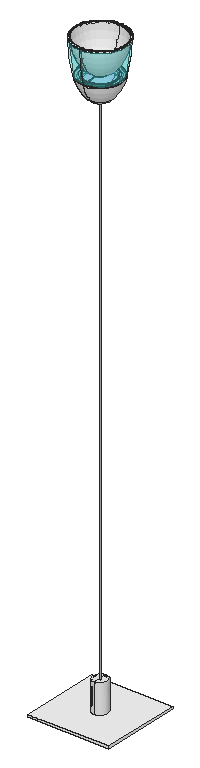
Revit family "BE_56566.1_de_DE", category Leuchten, Revit 2015
Parameters (values of type "BEGA_56566.1_K4")
  built-in parameter 1150104 = 11.622 (stored number, unit not read)
  Wattage = 25.3 W
  Default Elevation = 0 mm
  built-in parameter 1150113 = 1 (stored number, unit not read)
  built-in parameter 1114218 = 1 (stored number, unit not read)
  Umgebungstemperatur = ""
  URL = "http://www.bega.de/produkt/56566.1"
  Typenkommentare = "© 2017 BEGA. Wir behalten uns das Recht vor, technische Änderungen ohne vorherige Ankündigung vorzunehmen."  # constant formula
  built-in parameter 1150134 = 12
  built-in parameter 1150109 = 1 (stored number, unit not read)
  Strom = ""
  built-in parameter 1150110 = 1 (stored number, unit not read)
  Spannung = 239.996 V
  Sonderanfertigung = no
  Seriennummer [instance] = "Hier können Sie die eindeutige Seriennummer für das Facility Management eintragen."
  Schutzklasse = "I"
  Schutzart = "IP 20"
  Scheinlast = 0 VA
  Produktdatenblatt = "http://www.bega.de/download/Xrfa/db/56566.1.db.de.pdf"
  Oberflächentemperatur = ""
  Neigungswinkel = 0.00°
  Modell = "56566.1K4"
  Material_18 = BEGA_Gummi_schwarz
  Material_17 = BEGA_Reflektor
  Material_15 = BEGA_Leuchtmedium_matt
  Material_11 = BEGA_Glas_opal
  Material_10 = BEGA_Glas_matt
  Material_09 = BEGA_Glas_klar
  Material_06 = BEGA_Oberfläche_Edelstahl_gebürstet
  Material_05 = BEGA_Oberfläche_Aluminium Guss
  Material_03 = BEGA_Oberfläche_Weiss_matt
  Material_02 = BEGA_Oberfläche_Silber_matt
  Material_01 [instance] = BEGA_Oberfläche_Grafit_matt
  M_W = no
  M_G = no
  M_A = no
  Logo = 0
  built-in parameter 1114217 = 1 (stored number, unit not read)
  built-in parameter 1150139 = (empty or 0)
  built-in parameter 1150105 = 251.87 (stored number, unit not read)
  built-in parameter 1150114 = 1 (stored number, unit not read)
  Lumens = 3165.03 lm
  built-in parameter 1150115 = 1 (stored number, unit not read)
  Leuchtenlichtstrom = "2306 lm"
  Leuchtenanzahl = ""
  Lebensdauerkriterien = "L70B50 @ 25 °C = 400000 h"
  Lastklassifizierung = Beleuchtung
  built-in parameter 1150112 = 1 (stored number, unit not read)
  Lampenlichtstrom = "3165 lm"
  Lampe = "LED 25.3 W"
  LED_Modulbezeichnung = "LED-0327/840"
  Hersteller = "BEGA"  # constant formula
  Halbstreuwinkel = ""
  Gewicht = "3.6 kg"
  Gebrauchslageneinschränkung [instance] = ""
  Frequenz = "0/50-60 Hz"
  Farbwiedergabeindex = "Ra > 80"
  Farbtemperaturverschiebung bei Dämpfen der Lampe = <Keine Auswahl>
  Farbtemperatur = "4000 K"
  Color Filter = 16777215
  built-in parameter 1150133 = 10 (stored number, unit not read)
  Energieeffizienzklasse = "LED A++ - A"
  built-in parameter 1150137 = (empty or 0)
  built-in parameter 1150132 = (empty or 0)
  ENEC = "ja"
  Dimmbar [instance] = "DALI"
  Datei für fotometrisches Netz = "BE_56566K4.IES"
  CE_Konformität = "ja"
  Bestellnummer = "56566.1K4"
  Beschreibung_Sonderanfertigung = "Hier können Sie Informationen zur Sonderanfertigung eintragen."
  Beschreibung = "Pendelleuchte"
  built-in parameter 1150106 = 2.5187 (stored number, unit not read)
  Befestigungsbohrung = ""
  Befestigungsabstand = ""
  Ballwurfsicher = ""
  BEGA_Intern_aus = yes
  BEGA_Intern_an = yes
  BEGA_Intern_Konstruktion = yes
  BEGA_Intern = yes
  BEGA_IES = yes
  BEGA_Dummy = no
  Anschlussleitung = ""
  Anschlussleistung [instance] = "29 W"
  Anschlusskasten = ""
  built-in parameter 1150107 = 4000 (stored number, unit not read)
  built-in parameter 1150102 = (empty or 0)
  built-in parameter 1150138 = (empty or 0)
  Aktualisierung = "2017-09-27T04:10:59"
  Abstand_zur_angestrahlten_Fläche [instance] = ""
  AC/DC = "AC/DC"
Types (2, lengths in mm): name | built-in parameter 1150104 | built-in parameter 1150134 | Modell | built-in parameter 1150105 | Lumens | Leuchtenlichtstrom | Lampenlichtstrom | LED_Modulbezeichnung | Farbtemperatur | Datei für fotometrisches Netz | Bestellnummer | built-in parameter 1150106 | built-in parameter 1150107
  BEGA_56566.1_K3 | 10.832 (stored number, unit not read) | (empty or 0) | "56566.1" | 234.75 (stored number, unit not read) | 2949.98 lm | "2150 lm" | "2950 lm" | "LED-0327/830" | "3000 K" | "BE_56566.IES" | "56566.1" | 2.3475 (stored number, unit not read) | 3000 (stored number, unit not read)
  BEGA_56566.1_K4 | 11.622 (stored number, unit not read) | 12 | "56566.1K4" | 251.87 (stored number, unit not read) | 3165.03 lm | "2306 lm" | "3165 lm" | "LED-0327/840" | "4000 K" | "BE_56566K4.IES" | "56566.1K4" | 2.5187 (stored number, unit not read) | 4000 (stored number, unit not read)
Reference planes
  plane 1 "Mitte (Vorne/Hinten)": y = 0
  plane 2: z = 0
  plane 3 "Mitte (Links/Rechts)": x = 0
  plane 4 "Links": x = -128
  plane 5 "Rechts": x = 128
  plane 6 "Unten": y = -128
  plane 7 "Oben": y = 128
  plane 8 "Vorne": z = 2999.018
  plane 9 "Hinten": z = 0
Forms (mm)
  Extrusion 1, solid, material "BEGA_Platte_Weiss"
    sketch origin (0, -1119.2, 0) x (1, 0, 0) y (0, 1, 0)
      loop
        line (-200, 1319.2) -> (-200, 919.2) -> (200, 919.2) -> (200, 1319.2) -> (-200, 1319.2)
    from 0 to -10
  Extrusion 2, solid, material "BEGA_Dummy_matt", visible <- "BEGA_Dummy"
    sketch origin (77.149, -76.023, 0) x (1, 0, 0) y (0, 1, 0)
      loop
        circle (-77.149, 76.023) r 128
    from 0 to 2999.018
Dimensions and locks
  plane 1 "Mitte (Vorne/Hinten)" to Extrusion 1 = 200 mm
  aligned and locked: plane 2 to Extrusion 1
  aligned and locked: level to Extrusion 1
Nested families
  nested 1: "BE_56566.1" at (0, 0, 0), type "BE_56566.1"
Connectors
  electrical at (0, 0, 0), driven by "Lastklassifizierung", driven by "Spannung", driven by "Scheinlast"
    settings: index 1, voltage 239.996 V, apparent load 0 VA, apparent load phase1 0 VA, apparent load phase2 0 VA, apparent load phase3 0 VA, power factor 1, load classification "Beleuchtung", number of poles 1, system type 31, power factor state 1, is connector primary yes, connector utility no, sub classification motor no, connector description ""
Definition of nested family "BE_56566.1"
  Parameters (values of type "BE_56566.1")
    Default Elevation = 1 mm
    URL = "http://www.bega.de/de/produkt"
    Type Comments = "© 2015 BEGA. Wir behalten uns das Recht vor, technische Änderungen ohne vorherige Ankündigung vorzunehmen. "  # constant formula
    Type Image = (empty or 0)
    Neigungswinkel_um_Z2 = 0.00°
    Neigungswinkel_um_Z1 = 0.00°
    Neigungswinkel_um_Y2 = 0.00°
    Neigungswinkel_um_Y1 = 0.00°
    Neigungswinkel_um_X2 = 0.00°
    Neigungswinkel_um_X1 = 0.00°
    Material_18 = none
    Material_17 = none
    Material_15 = none
    Material_11 = none
    Material_10 = none
    Material_09 = none
    Material_06 = none
    Material_05 = none
    Material_03 = none
    Material_02 = none
    Material_01 = none
    M_W = yes
    M_G = yes
    M_A = yes
    Länge_Platte = 300 mm  # constant formula
    Höhe_Platte = -10 mm  # constant formula
    Manufacturer = "BEGA"  # constant formula
    Drehwinkel_um_Z2 = 0.00°
    Drehwinkel_um_Z1 = 0.00°
    Breite_Platte = 300 mm  # constant formula
  Reference planes
    plane 1 "Mitte (Oben/Unten)": y = 0
    plane 2: z = 0
    plane 3 "Mitte (Links/Rechts)": x = 0
    plane 4: z = 3000
    plane 5: y = -128
    plane 6: y = 128
    plane 7: x = -128
    plane 8: x = 128
  Forms (mm)
    Extrusion 1, solid, detail levels medium
      sketch origin (0, 0, 0) x (1, 0, 0) y (0, 1, 0)
        loop
          line (-150, 150) -> (-150, -150) -> (150, -150) -> (150, 150) -> (-150, 150)
      from 0 to -10 <- "Höhe_Platte"
    Revolve 2, solid, material <- "Material_03", detail levels medium+fine
      sketch origin (0, 0, 0) x (0, 1, 0) y (0, 0, 1)
        loop
          line (-36.248, 0.5) -> (-34, 0.5) -> (-34, 2.676) -> (-32.481, 2.729) -> (-31.3, 138.025)
          arc (-31.3, 138.025) -> (-30.705, 139.423) -> (-29.3, 140) r 2
          line (-29.3, 140) -> (0, 140) -> (0, 143.501)
          arc (0, 143.501) -> (-17.512, 143.245) -> (-35.009, 142.479) r 600
          line (-35.009, 142.479) -> (-36.248, 0.5)
        axis (0, 0.5) -> (0, 143.501)
      angle from 0 to 360
    Revolve 3, solid, material <- "Material_05", detail levels medium+fine
      sketch origin (0, 0, 0) x (0, 1, 0) y (0, 0, 1)
        loop
          line (-32.14, 2) -> (-32.175, 1) -> (-33.765, 1) -> (-33.8, 0) -> (0, 0) -> (0, 2) -> (-32.14, 2)
        axis (0, 0) -> (0, 2)
      angle from 0 to 360
    Extrusion 4, void
      sketch origin (0, 0, 0) x (1, 0, 0) y (0, 1, 0)
        loop
          arc (-9.887, 12.652) -> (-16.053, -0.003) -> (-9.876, -12.652) r 16.053
          line (-9.876, -12.652) -> (9.484, -12.652)
          arc (9.484, -12.652) -> (15.815, -0.003) -> (9.495, 12.652) r 15.815
          line (9.495, 12.652) -> (-9.887, 12.652)
        loop
          circle (-0.016, 25) r 2.25
        loop
          circle (-0.016, -25) r 2.25
      from 0 to 3.541
    Revolve 5, solid, material <- "Material_03", detail levels medium+fine
      sketch origin (0, 0, 0) x (0, 1, 0) y (0, 0, 1)
        loop
          line (-30.9, 2836) -> (-30.9, 2841.321)
          arc (-30.9, 2841.321) -> (-31.071, 2841.881) -> (-31.527, 2842.249) r 1
          spline (-31.527, 2842.249) -> (-43.213, 2847.91) -> (-54.427, 2855.306) -> (-65.049, 2864.357) -> (-74.96, 2874.962) -> (-84.055, 2887.008) -> (-92.233, 2900.361) -> (-99.405, 2914.878) -> (-105.493, 2930.399) -> (-110.431, 2946.755) -> (-114.165, 2963.768) -> (-116.654, 2981.253) -> (-117.871, 2999.018)
          arc (-117.871, 2999.018) -> (-118.17, 2999.713) -> (-118.871, 3000) r 1
          line (-118.871, 3000) -> (-127, 3000)
          arc (-127, 3000) -> (-127.707, 2999.707) -> (-128, 2999) r 1
          line (-128, 2999) -> (-128, 2997) -> (-127, 2997) -> (-127, 2999) -> (-118.871, 2999)
          spline (-118.871, 2999) -> (-117.692, 2981.21) -> (-115.239, 2963.696) -> (-111.544, 2946.647) -> (-106.638, 2930.253) -> (-100.569, 2914.689) -> (-93.413, 2900.117) -> (-85.246, 2886.696) -> (-76.146, 2874.582) -> (-66.213, 2863.903) -> (-55.553, 2854.778) -> (-44.281, 2847.307) -> (-32.521, 2841.573)
          arc (-32.521, 2841.573) -> (-32.07, 2841.206) -> (-31.9, 2840.649) r 1
          line (-31.9, 2840.649) -> (-31.9, 2836) -> (-30.9, 2836)
        axis (0, 2836) -> (0, 3000)
      angle from 0 to 360
    Revolve 6, solid, material <- "Material_09", detail levels medium+fine
      sketch origin (0, 0, 0) x (0, 1, 0) y (0, 0, 1)
        loop
          arc (-126.921, 2999.061) -> (-120.726, 2912.11) -> (-105.219, 2826.329) r 809.653
          line (-105.219, 2826.329) -> (-89.395, 2825.5) -> (-84, 2798.5) -> (-77.5, 2798.5) -> (-77.5, 2823.246)
          arc (-77.5, 2823.246) -> (-79.434, 2828.071) -> (-84.161, 2830.233) r 7
          line (-84.161, 2830.233) -> (-101.224, 2831.127)
          arc (-101.224, 2831.127) -> (-102.435, 2831.604) -> (-103.114, 2832.715) r 2.049
          arc (-103.114, 2832.715) -> (-117.601, 2915.359) -> (-123.42, 2999.061) r 806.153
          line (-123.42, 2999.061) -> (-126.921, 2999.061)
        axis (0, 2798.5) -> (0, 2999.061)
      angle from 0 to 360
    Revolve 7, solid, material <- "Material_03", detail levels medium+fine
      sketch origin (0, 0, 0) x (0, 1, 0) y (0, 0, 1)
        loop
          line (-3.7, 2712.069) -> (0, 2712.069) -> (0, 2715.881)
          arc (0, 2715.881) -> (-32.242, 2723.778) -> (-58.476, 2744.117) r 79.749
          arc (-58.476, 2744.117) -> (-84.146, 2782.487) -> (-100.65, 2825.6) r 206.504
          line (-100.65, 2825.6) -> (-104.78, 2825.6)
          arc (-104.78, 2825.6) -> (-87.936, 2781.108) -> (-61.532, 2741.535) r 210.504
          arc (-61.532, 2741.535) -> (-35.586, 2720.972) -> (-3.7, 2712.069) r 83.749
        axis (0, 2712.069) -> (0, 2825.6)
      angle from 0 to 360
    Revolve 8, solid, material <- "Material_03", detail levels medium+fine
      sketch origin (0, 0, 0) x (0, 1, 0) y (0, 0, 1)
        loop
          line (-2.51, 118.995) -> (0, 118.995) -> (0, 2746.921) -> (-2.51, 2746.921) -> (-2.51, 118.995)
        axis (0, 2746.921) -> (0, 118.995)
      angle from 0 to 360
    Revolve 9, solid, material <- "Material_10", detail levels medium+fine
      sketch origin (0, 0, 0) x (0, 1, 0) y (0, 0, 1)
        loop
          line (0, 2836.014) -> (0, 2851.013)
          arc (0, 2851.013) -> (-15.11, 2849.171) -> (-29.334, 2843.75) r 62.86
          arc (-29.334, 2843.75) -> (-30.098, 2843.055) -> (-30.413, 2842.071) r 2
          line (-30.413, 2842.071) -> (-30.705, 2836.491)
          arc (-30.705, 2836.491) -> (-30.975, 2835.855) -> (-31.594, 2835.546) r 1
          line (-31.594, 2835.546) -> (-76.548, 2830.821) -> (-77, 2822.2) -> (-72.994, 2822.2) -> (-72.732, 2827.2) -> (-27.778, 2831.925)
          arc (-27.778, 2831.925) -> (-27.162, 2832.232) -> (-26.89, 2832.864) r 1
          line (-26.89, 2832.864) -> (-26.774, 2835.067)
          arc (-26.774, 2835.067) -> (-26.464, 2835.739) -> (-25.776, 2836.014) r 1
          line (-25.776, 2836.014) -> (0, 2836.014)
        axis (0, 2851.013) -> (0, 2822.2)
      angle from 0 to 360
  Cuts and joins
    Extrusion 4 cuts Revolve 3
  Dimensions and locks
    equal spacing: Extrusion 1 sketch curve, plane 3 "Mitte (Links/Rechts)", Extrusion 1 sketch curve
    equal spacing: Extrusion 1 sketch curve, plane 1 "Mitte (Oben/Unten)", Extrusion 1 sketch curve
    "Länge_Platte": Extrusion 1 sketch curve to Extrusion 1 sketch curve
    "Breite_Platte": Extrusion 1 sketch curve to Extrusion 1 sketch curve
    aligned and locked: Extrusion 1 to plane 2
    aligned and locked: level to Extrusion 1
  Automatic sketch dimensions
    Revolve 3 sketch curve to plane 1 "Mitte (Oben/Unten)" = 0 mm  (x2)
    Revolve 3 sketch curve to level = 0 mm  (x2)
    plane 1 "Mitte (Oben/Unten)" to Revolve 3 sketch curve = 32.14 mm
    Revolve 3 sketch curve to Revolve 3 sketch curve = 2.125 mm
    Revolve 3 sketch curve to Revolve 3 sketch curve = 0.035 mm  (x2)
    Revolve 3 sketch curve to Revolve 3 sketch curve = 1.59 mm
    level to Revolve 3 sketch curve = 1 mm
    Revolve 3 sketch curve to Revolve 3 sketch curve = 2 mm
    Extrusion 4 sketch curve to Extrusion 4 sketch curve = 0 mm  (x2)
    Extrusion 4 sketch curve to plane 3 "Mitte (Links/Rechts)" = 0 mm
    Extrusion 4 sketch curve to plane 3 "Mitte (Links/Rechts)" = 0.016 mm  (x2)
    Extrusion 4 sketch curve to plane 3 "Mitte (Links/Rechts)" = 9.876 mm
    Extrusion 4 sketch curve to plane 3 "Mitte (Links/Rechts)" = 9.887 mm
    plane 3 "Mitte (Links/Rechts)" to Extrusion 4 sketch curve = 9.484 mm
    plane 1 "Mitte (Oben/Unten)" to Extrusion 4 sketch curve = 25 mm
    Extrusion 4 sketch curve to plane 1 "Mitte (Oben/Unten)" = 0.004 mm
    Extrusion 4 sketch curve to Extrusion 4 sketch curve = 12.348 mm
    plane 1 "Mitte (Oben/Unten)" to Extrusion 4 sketch curve = 12.652 mm
    Revolve 2 sketch curve to plane 1 "Mitte (Oben/Unten)" = 0 mm  (x2)
    plane 1 "Mitte (Oben/Unten)" to Revolve 2 sketch curve = 29.3 mm
    Revolve 2 sketch curve to Revolve 2 sketch curve = 2 mm
    level to Revolve 2 sketch curve = 2.729 mm
    plane 1 "Mitte (Oben/Unten)" to Revolve 2 sketch curve = 32.481 mm
    Revolve 2 sketch curve to Revolve 2 sketch curve = 1.52 mm
    Revolve 2 sketch curve to Revolve 2 sketch curve = 3.709 mm
    level to Revolve 2 sketch curve = 0.5 mm
    Revolve 2 sketch curve to Revolve 2 sketch curve = 2.248 mm
    Revolve 2 sketch curve to level = 456.499 mm
    Revolve 2 sketch curve to Revolve 2 sketch curve = 0.053 mm
    Revolve 2 sketch curve to Revolve 2 sketch curve = 135.271 mm
    Revolve 2 sketch curve to Revolve 2 sketch curve = 0.025 mm
    Revolve 2 sketch curve to Revolve 2 sketch curve = 0 mm  (x4)
    Revolve 2 sketch curve to Revolve 2 sketch curve = 4.454 mm
    Revolve 2 sketch curve to Revolve 2 sketch curve = 46.562 mm
    Revolve 8 sketch curve to plane 1 "Mitte (Oben/Unten)" = 0 mm  (x2)
    Revolve 8 sketch curve to Revolve 8 sketch curve = 2.51 mm
    level to Revolve 8 sketch curve = 118.995 mm
    Revolve 8 sketch curve to Revolve 8 sketch curve = 50 mm
    Revolve 8 sketch curve to Revolve 8 sketch curve = 1452.926 mm
    Revolve 7 sketch curve to Revolve 7 sketch curve = 0 mm  (x6)
    Revolve 7 sketch curve to plane 1 "Mitte (Oben/Unten)" = 0 mm  (x2)
    plane 1 "Mitte (Oben/Unten)" to Revolve 7 sketch curve = 3.7 mm
    Revolve 7 sketch curve to Revolve 7 sketch curve = 4.13 mm
    Revolve 7 sketch curve to plane 1 "Mitte (Oben/Unten)" = 2.435 mm
    Revolve 7 sketch curve to Revolve 7 sketch curve = 3.812 mm
    Revolve 7 sketch curve to Revolve 7 sketch curve = 79.711 mm
    Revolve 7 sketch curve to Revolve 7 sketch curve = 30.008 mm
    Revolve 7 sketch curve to Revolve 7 sketch curve = 81.816 mm
    Revolve 7 sketch curve to Revolve 7 sketch curve = 26.188 mm
    Revolve 6 sketch curve to Revolve 6 sketch curve = 0 mm  (x4)
    Revolve 6 sketch curve to plane 1 "Mitte (Oben/Unten)" = 0 mm
    Revolve 6 sketch curve to Revolve 6 sketch curve = 6.5 mm
    Revolve 6 sketch curve to Revolve 6 sketch curve = 6.661 mm
    Revolve 6 sketch curve to Revolve 6 sketch curve = 0.339 mm
    Revolve 6 sketch curve to Revolve 6 sketch curve = 4.895 mm
    Revolve 6 sketch curve to Revolve 6 sketch curve = 0.107 mm
    Revolve 6 sketch curve to Revolve 6 sketch curve = 3.995 mm
    Revolve 6 sketch curve to Revolve 6 sketch curve = 3.501 mm
    Revolve 6 sketch curve to Revolve 6 sketch curve = 24.741 mm
    Revolve 6 sketch curve to Revolve 6 sketch curve = 0.005 mm
    Revolve 6 sketch curve to Revolve 6 sketch curve = 2.259 mm
    Revolve 6 sketch curve to Revolve 6 sketch curve = 0.829 mm
    Revolve 6 sketch curve to Revolve 6 sketch curve = 4.798 mm
    Revolve 6 sketch curve to Revolve 6 sketch curve = 2.047 mm
    Revolve 6 sketch curve to Revolve 6 sketch curve = 165.887 mm
    Revolve 6 sketch curve to Revolve 6 sketch curve = 11.255 mm
    Revolve 6 sketch curve to Revolve 6 sketch curve = 40 mm
    Revolve 9 sketch curve to plane 1 "Mitte (Oben/Unten)" = 0 mm  (x2)
    Revolve 9 sketch curve to Revolve 9 sketch curve = 8.164 mm
    Revolve 9 sketch curve to Revolve 9 sketch curve = 2.431 mm
    plane 1 "Mitte (Oben/Unten)" to Revolve 9 sketch curve = 0.001 mm
    Revolve 9 sketch curve to Revolve 9 sketch curve = 47.861 mm
    plane 1 "Mitte (Oben/Unten)" to Revolve 9 sketch curve = 29.334 mm
    Revolve 9 sketch curve to Revolve 9 sketch curve = 0.919 mm
    Revolve 9 sketch curve to Revolve 9 sketch curve = 1.776 mm
    Revolve 9 sketch curve to Revolve 9 sketch curve = 1.078 mm
    Revolve 9 sketch curve to Revolve 9 sketch curve = 2.639 mm
    Revolve 9 sketch curve to Revolve 9 sketch curve = 4.406 mm
    Revolve 9 sketch curve to Revolve 9 sketch curve = 4.929 mm
    Revolve 9 sketch curve to Revolve 9 sketch curve = 0.477 mm
    Revolve 9 sketch curve to Revolve 9 sketch curve = 1 mm
    Revolve 9 sketch curve to Revolve 9 sketch curve = 0.999 mm  (x3)
    Revolve 9 sketch curve to Revolve 9 sketch curve = 0.115 mm
    Revolve 9 sketch curve to Revolve 9 sketch curve = 2.203 mm
    Revolve 9 sketch curve to Revolve 9 sketch curve = 0.055 mm
    Revolve 9 sketch curve to Revolve 9 sketch curve = 0.111 mm
    Revolve 9 sketch curve to Revolve 9 sketch curve = 0.049 mm
    Revolve 9 sketch curve to Revolve 9 sketch curve = 0.11 mm
    Revolve 9 sketch curve to Revolve 9 sketch curve = 3.816 mm
    Revolve 9 sketch curve to Revolve 9 sketch curve = 3.621 mm
    Revolve 9 sketch curve to Revolve 9 sketch curve = 4.268 mm
    Revolve 9 sketch curve to Revolve 9 sketch curve = 4.005 mm
    Revolve 9 sketch curve to Revolve 9 sketch curve = 5 mm
    Revolve 9 sketch curve to Revolve 9 sketch curve = 13.346 mm
    Revolve 5 sketch curve to plane 1 "Mitte (Oben/Unten)" = 0 mm  (x2)
    plane 1 "Mitte (Oben/Unten)" to Revolve 5 sketch curve = 30.9 mm
    Revolve 5 sketch curve to Revolve 5 sketch curve = 1 mm  (x4)
    Revolve 5 sketch curve to Revolve 5 sketch curve = 0.621 mm
    Revolve 5 sketch curve to Revolve 5 sketch curve = 0.379 mm
    Revolve 5 sketch curve to Revolve 5 sketch curve = 0 mm  (x4)
    Revolve 5 sketch curve to Revolve 5 sketch curve = 8.129 mm
    Revolve 5 sketch curve to Revolve 5 sketch curve = 4.648 mm
    Revolve 5 sketch curve to Revolve 5 sketch curve = 0.001 mm
    Revolve 5 sketch curve to Revolve 5 sketch curve = 0.671 mm
    Revolve 5 sketch curve to Revolve 5 sketch curve = 157.427 mm
    Revolve 5 sketch curve to Revolve 5 sketch curve = 0.373 mm
    Revolve 5 sketch curve to Revolve 5 sketch curve = 19.168 mm
    Revolve 5 sketch curve to Revolve 5 sketch curve = 66.252 mm
    Revolve 5 sketch curve to Revolve 5 sketch curve = 2 mm
    Revolve 5 sketch curve to Revolve 5 sketch curve = 80.259 mm
    level to Revolve 5 sketch curve = 2836 mm
    level to Revolve 6 sketch curve = 2798.5 mm
    level to Revolve 7 sketch curve = 2712.069 mm
    Revolve 8 sketch curve to Revolve 8 sketch curve = 2627.926 mm
    level to Revolve 9 sketch curve = 2788.153 mm
    Revolve 5 sketch curve to plane 5 = 0 mm
    plane 5 to Revolve 6 sketch curve = 50.5 mm
    Revolve 6 sketch curve to Revolve 6 sketch curve = 11.722 mm
    plane 5 to Revolve 6 sketch curve = 4.58 mm
    plane 5 to Revolve 7 sketch curve = 27.35 mm
    Revolve 9 sketch curve to Revolve 9 sketch curve = 41.139 mm
    plane 4 to Revolve 6 sketch curve = 13.04 mm
    plane 6 to Revolve 7 sketch curve = 28.751 mm
    radius of Extrusion 4 sketch curve = 2.25 mm  (x2)
